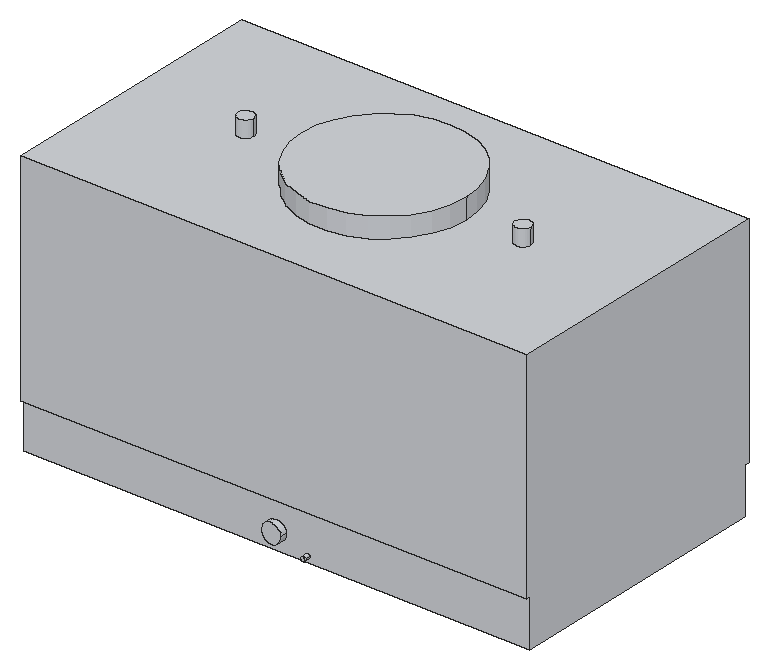
Revit family "5fc7dbc9b74b4ded8a3dea63c30c5f27", category Mechanical Equipment, Revit 2021
Family settings
  Round Connector Dimension = Use Radius
  Part Type = Normal
  OmniClass Number = 23.75.10.37.11
  OmniClass Title = Mechanical-Draft Cooling Towers
  Seek Item ID = Cooling Tower - Induction-0000-USA-ENU
  Work Plane-Based = No
  Always vertical = Yes
  Cut with Voids When Loaded = No
  Shared = No
  Room Calculation Point = No
Parameters (values of type "670 Tons")
  Width1 = 0' - 1 1/4"
  Width 2 = Width1 + 0' 2"  # 0' - 3 1/4"
  Voltage = 460 V
  Top Inlet Radius = 4"
  Top Inlet Diameter = Top Inlet Radius * 2  # 8"
  Pressure Drop [instance] = (Height1 / 0' 1") * 1.00 in-wg + 197.00 in-wg  # 332.75 in-wg
  Make Up Pressure Drop [instance] = 200.932 in-wg
  Outlet Radius = 5"
  Outlet Diameter = Outlet Radius * 2  # 10"
  Number of Poles = 3
  Moto Power = 44742 VA
  Make Up Inlet Radius = 3/4"
  Make Up Inlet Diameter = Make Up Inlet Radius * 2  # 1 1/2"
  Make Up Flow [instance] = 40 GPM
  Load Classification = Cooling
  Height1 = 11' - 3 3/4"
  Half Width = Cooling Tower Width / 2  # 5' - 10 7/8"
  Half Length = Cooling Tower Length / 2  # 10' - 9 1/4"
  Flow 1 [instance] = 1005 GPM
  Drain Radius = 1"
  Drain Diameter = Drain Radius * 2  # 2"
  Default Elevation = 0' - 0"
  Cooling Tower Width = 11' - 9 3/4"
  Cooling Tower Material = none
  Cooling Tower Length = 21' - 6 1/2"
  Cooling Tower Height = 12' - 2 1/8"
  Circulation  Flow [instance] = 2010 GPM
  C5 Offset1 = 12' - 1 1/2"
  C4 Offset1 = 8' - 10 1/4"
  C3 Offset2 = 0' - 9 1/8"
  C1 Offset1 = 5' - 10 7/8"
Types (10): name | Width1 | Width 2 | Top Inlet Radius | Top Inlet Diameter | Pressure Drop | Make Up Pressure Drop | Outlet Radius | Outlet Diameter | Moto Power | Make Up Inlet Radius | Make Up Inlet Diameter | Make Up Flow | Height1 | Half Width | Half Length | Flow 1 | Cooling Tower Width | Cooling Tower Length | Cooling Tower Height | Circulation  Flow | C5 Offset1 | C4 Offset1 | C3 Offset2 | C1 Offset1
  (no name) | 0' - 1 1/4" | 0' - 3 1/4" | 4" | 8" | 332.75 in-wg | 200.932 in-wg | 5" | 10" | 44742 VA | 3/4" | 1 1/2" | 40 GPM | 11' - 3 3/4" | 5' - 10 7/8" | 10' - 9 1/4" | 1005 GPM | 11' - 9 3/4" | 21' - 6 1/2" | 12' - 2 1/8" | 2010 GPM | 12' - 1 1/2" | 8' - 10 1/4" | 0' - 9 1/8" | 5' - 10 7/8"
  300 Tons | 0' - 0 1/4" | 0' - 2 1/4" | 3" | 6" | 300.75 in-wg | 80.3729 in-wg | 4" | 8" | 14914 VA | 1/2" | 1" | 18 GPM | 8' - 7 3/4" | 4' - 2 7/8" | 9' - 0 1/4" | 450 GPM | 8' - 5 3/4" | 18' - 0 1/2" | 9' - 3 5/8" | 900 GPM | 10' - 4 1/2" | 7' - 1 1/4" | 0' - 8 1/16" | 4' - 2 7/8"
  400 Tons | 0' - 0 1/4" | 0' - 2 1/4" | 3" | 6" | 316.75 in-wg | 120.559 in-wg | 4" | 8" | 22371 VA | 1/2" | 1" | 24 GPM | 9' - 11 3/4" | 4' - 2 7/8" | 9' - 0 1/4" | 600 GPM | 8' - 5 3/4" | 18' - 0 1/2" | 10' - 7 5/8" | 1200 GPM | 10' - 4 1/2" | 7' - 1 1/4" | 0' - 8 1/16" | 4' - 2 7/8"
  550 Tons | 0' - 1 1/4" | 0' - 3 1/4" | 3" | 6" | 332.75 in-wg | 160.746 in-wg | 5" | 10" | 22371 VA | 3/4" | 1 1/2" | 33 GPM | 11' - 3 3/4" | 4' - 10 5/8" | 10' - 0 1/4" | 825 GPM | 9' - 9 1/4" | 20' - 0 1/2" | 12' - 1 1/8" | 1650 GPM | 11' - 4 1/2" | 8' - 1 1/4" | 0' - 9 1/8" | 4' - 10 5/8"
  670 Tons | 0' - 1 1/4" | 0' - 3 1/4" | 4" | 8" | 332.75 in-wg | 200.932 in-wg | 5" | 10" | 44742 VA | 3/4" | 1 1/2" | 40 GPM | 11' - 3 3/4" | 5' - 10 7/8" | 10' - 9 1/4" | 1005 GPM | 11' - 9 3/4" | 21' - 6 1/2" | 12' - 2 1/8" | 2010 GPM | 12' - 1 1/2" | 8' - 10 1/4" | 0' - 9 1/8" | 5' - 10 7/8"
  850 Tons | 0' - 1 1/4" | 0' - 3 1/4" | 4" | 8" | 382.50 in-wg | 241.119 in-wg | 6" | 12" | 44742 VA | 3/4" | 1 1/2" | 51 GPM | 15' - 5 1/2" | 5' - 10 7/8" | 10' - 9 1/4" | 1275 GPM | 11' - 9 3/4" | 21' - 6 1/2" | 16' - 4 7/8" | 2550 GPM | 12' - 1 1/2" | 8' - 10 1/4" | 0' - 9 1/8" | 5' - 10 7/8"
  970 Tons | 0' - 1 1/4" | 0' - 3 1/4" | 4" | 8" | 414.50 in-wg | 281.305 in-wg | 6" | 12" | 55927.5 VA | 3/4" | 1 1/2" | 58 GPM | 18' - 1 1/2" | 5' - 10 7/8" | 10' - 9 1/4" | 1455 GPM | 11' - 9 3/4" | 21' - 6 1/2" | 19' - 0 7/8" | 2910 GPM | 12' - 1 1/2" | 8' - 10 1/4" | 0' - 9 1/8" | 5' - 10 7/8"
  1100 Tons | 0' - 1 1/4" | 0' - 3 1/4" | 4" | 8" | 446.50 in-wg | 321.492 in-wg | 6" | 12" | 55927.5 VA | 3/4" | 1 1/2" | 66 GPM | 20' - 9 1/2" | 5' - 10 7/8" | 10' - 9 1/4" | 1650 GPM | 11' - 9 3/4" | 21' - 6 1/2" | 21' - 8 7/8" | 3300 GPM | 12' - 1 1/2" | 8' - 10 1/4" | 0' - 9 1/8" | 5' - 10 7/8"
  1300 Tons | 0' - 0 5/8" | 0' - 2 5/8" | 5" | 10" | 465.875 in-wg | 321.492 in-wg | 7" | 14" | 74570 VA | 1" | 2" | 78 GPM | 22' - 4 7/8" | 6' - 11 9/16" | 12' - 0 1/4" | 1950 GPM | 13' - 11 1/8" | 24' - 0 1/2" | 22' - 10 7/8" | 3900 GPM | 13' - 4 1/2" | 10' - 1 1/4" | 0' - 9 5/8" | 6' - 11 9/16"
  240 Tons | 0' - 0 1/4" | 0' - 2 1/4" | 3" | 6" | 300.75 in-wg | 80.3729 in-wg | 4" | 8" | 14914 VA | 1/2" | 1" | 18 GPM | 8' - 7 3/4" | 4' - 2 7/8" | 9' - 0 1/4" | 360 GPM | 8' - 5 3/4" | 18' - 0 1/2" | 9' - 3 5/8" | 720 GPM | 10' - 4 1/2" | 7' - 1 1/4" | 0' - 8 1/16" | 4' - 2 7/8"
Reference planes (in)
  plane 1 "Center (Front/Back)": y = 0
  plane 2: z = 0
  plane 3 "Center (Left/Right)": x = 0
  plane 4: z = 135.75
  plane 5: z = 24
  plane 6: z = 146.125
  plane 7: z = 143.75
  plane 8: z = 9.125
  plane 9: z = 3
  plane 10: z = 34
  plane 11: y = -2
  plane 12: y = 139.75
  plane 13: y = 137.75
  plane 14: x = 258.5
  plane 15: y = 68.875
  plane 16: x = 129.25
  plane 17: x = 58.375
  plane 18: x = 200.125
  plane 19: y = -3.25
  plane 20: x = 106.25
  plane 21: x = 145.5
Forms (in)
  Extrusion 1, solid, material <- "Cooling Tower Material"
    sketch origin (0, 0, 0) x (1, 0, 0) y (0, 1, 0)
      loop
        line (0, 0) -> (258.5, 0) -> (258.5, 137.75) -> (0, 137.75) -> (0, 0)
    from 0 to 24
  Extrusion 2, solid, material <- "Cooling Tower Material"
    sketch origin (0, 0, 0) x (1, 0, 0) y (0, 1, 0)
      loop
        line (0, -2) -> (258.5, -2) -> (258.5, 139.75) -> (0, 139.75) -> (0, -2)
    from 135.75 to 24
  Extrusion 3, solid, material <- "Cooling Tower Material"
    sketch origin (0, 0, 0) x (1, 0, 0) y (0, 1, 0)
      loop
        circle (129.25, 68.875) r 42
    from 135.75 to 146.125
  Extrusion 4, solid, material <- "Cooling Tower Material"
    sketch origin (0, 0, 0) x (1, 0, 0) y (0, 1, 0)
      loop
        circle (58.375, 68.875) r 4
    from 135.75 to 143.75
  Extrusion 5, solid, material <- "Cooling Tower Material"
    sketch origin (0, 0, 0) x (1, 0, 0) y (0, 1, 0)
      loop
        circle (200.125, 68.875) r 4
    from 135.75 to 143.75
  Extrusion 6, solid, material <- "Cooling Tower Material"
    sketch origin (0, 0, 0) x (1, 0, 0) y (0, 0, 1)
      loop
        circle (129.25, 9.125) r 5
    from 0 to 3.25
  Extrusion 7, solid, material <- "Cooling Tower Material"
    sketch origin (0, 0, 0) x (1, 0, 0) y (0, 0, 1)
      loop
        circle (145.5, 3) r 1
    from 0 to 3.25
Cuts and joins
  joined: Extrusion 1, Extrusion 2, Extrusion 3, Extrusion 4, Extrusion 5, Extrusion 6, Extrusion 7
Lines and regions (in)
  model lines, detail levels medium+fine
    curve 1: line (258.5, -2, 132.75) -> (258.5, 139.75, 132.75)
    curve 2: line (258.5, -2, 129.75) -> (258.5, 139.75, 129.75)
    curve 3: line (258.5, -2, 126.75) -> (258.5, 139.75, 126.75)
    curve 4: line (258.5, -2, 123.75) -> (258.5, 139.75, 123.75)
    curve 5: line (258.5, -2, 120.75) -> (258.5, 139.75, 120.75)
    curve 6: line (258.5, -2, 117.75) -> (258.5, 139.75, 117.75)
    curve 7: line (258.5, -2, 114.75) -> (258.5, 139.75, 114.75)
    curve 8: line (258.5, -2, 111.75) -> (258.5, 139.75, 111.75)
    curve 9: line (258.5, -2, 108.75) -> (258.5, 139.75, 108.75)
    curve 10: line (258.5, -2, 105.75) -> (258.5, 139.75, 105.75)
    curve 11: line (258.5, -2, 102.75) -> (258.5, 139.75, 102.75)
    curve 12: line (258.5, -2, 99.75) -> (258.5, 139.75, 99.75)
    curve 13: line (258.5, -2, 96.75) -> (258.5, 139.75, 96.75)
    curve 14: line (258.5, -2, 93.75) -> (258.5, 139.75, 93.75)
Dimensions and locks (in)
  "Height1": plane 4 to plane 2
  locked: plane 5 to plane 2 at 24
  "Cooling Tower Height": plane 6 to plane 2
  "C3 Offset2": plane 8 to plane 2
  plane 9 to plane 2 = 0' - 3"
  locked: plane 10 to plane 2 at 34
  locked: plane 11 to plane 1 "Center (Front/Back)" at 2
  "Cooling Tower Width": plane 12 to plane 11
  plane 12 to plane 13 = 0' - 2"
  "Cooling Tower Length": plane 3 "Center (Left/Right)" to plane 14
  locked: plane 7 to plane 4 at 8
  equal spacing: plane 12, plane 15, plane 11
  equal spacing: plane 3 "Center (Left/Right)", plane 16, plane 14
  "C1 Offset1": plane 17 to plane 16
  "C1 Offset1": plane 18 to plane 16
  "Width1": plane 19 to plane 11
  "C4 Offset1": plane 20 to plane 3 "Center (Left/Right)"
  "C5 Offset1": plane 21 to plane 3 "Center (Left/Right)"
  locked: connector elem to plane 10
  locked: connector elem to plane 20
  locked: plane 4 to curve 1 at 3
  radius of Extrusion 3 sketch curve = 3' - 6"
  "Top Inlet Radius": radius of Extrusion 4 sketch curve
  "Top Inlet Radius": radius of Extrusion 5 sketch curve
  "Outlet Radius": radius of Extrusion 6 sketch curve
  "Drain Radius": radius of Extrusion 7 sketch curve
  aligned and locked: plane 3 "Center (Left/Right)" to Extrusion 1 sketch curve
  aligned and locked: plane 1 "Center (Front/Back)" to Extrusion 1 sketch curve
  aligned and locked: Extrusion 1 sketch curve to plane 13
  aligned and locked: plane 14 to Extrusion 1 sketch curve
  aligned and locked: Extrusion 1 to plane 2
  aligned and locked: Extrusion 1 to plane 5
  aligned and locked: plane 3 "Center (Left/Right)" to Extrusion 2 sketch curve
  aligned and locked: Extrusion 2 sketch curve to plane 11
  aligned and locked: Extrusion 2 sketch curve to plane 12
  aligned and locked: plane 14 to Extrusion 2 sketch curve
  aligned and locked: plane 5 to Extrusion 2
  aligned and locked: Extrusion 2 to plane 4
  aligned and locked: plane 16 to Extrusion 3 sketch curve
  aligned and locked: plane 15 to Extrusion 3 sketch curve
  aligned and locked: plane 4 to Extrusion 3
  aligned and locked: Extrusion 3 to plane 6
  aligned and locked: plane 17 to Extrusion 4 sketch curve
  aligned and locked: plane 15 to Extrusion 4 sketch curve
  aligned and locked: plane 18 to Extrusion 5 sketch curve
  aligned and locked: plane 15 to Extrusion 5 sketch curve
  aligned and locked: plane 7 to Extrusion 4
  aligned and locked: Extrusion 5 to plane 7
  aligned and locked: Extrusion 4 to plane 4
  aligned and locked: plane 4 to Extrusion 5
  aligned and locked: plane 16 to Extrusion 6 sketch curve
  aligned and locked: plane 8 to Extrusion 6 sketch curve
  aligned and locked: plane 21 to Extrusion 7 sketch curve
  aligned and locked: plane 9 to Extrusion 7 sketch curve
  aligned and locked: Extrusion 6 to plane 19
  aligned and locked: Extrusion 7 to plane 19
  aligned and locked: Extrusion 7 to plane 1 "Center (Front/Back)"
  aligned and locked: Extrusion 6 to plane 1 "Center (Front/Back)"
  aligned and locked: plane 12 to curve 14
  aligned and locked: plane 12 to curve 13
  aligned and locked: plane 12 to curve 11
  aligned and locked: plane 12 to curve 8
  aligned and locked: plane 12 to curve 10
  aligned and locked: plane 12 to curve 7
  aligned and locked: plane 12 to curve 6
  aligned and locked: plane 12 to curve 4
  aligned and locked: plane 12 to curve 2
  aligned and locked: plane 12 to curve 3
  aligned and locked: plane 12 to curve 5
  aligned and locked: plane 12 to curve 9
  aligned and locked: plane 12 to curve 1
  aligned and locked: plane 12 to curve 12
  aligned and locked: plane 11 to curve 14
  aligned and locked: plane 11 to curve 13
  aligned and locked: plane 11 to curve 11
  aligned and locked: plane 11 to curve 6
  aligned and locked: plane 11 to curve 9
  aligned and locked: plane 11 to curve 1
  aligned and locked: plane 11 to curve 2
  aligned and locked: plane 11 to curve 3
  aligned and locked: plane 11 to curve 4
  aligned and locked: plane 11 to curve 5
  aligned and locked: plane 11 to curve 7
  aligned and locked: plane 11 to curve 8
  aligned and locked: plane 11 to curve 10
  aligned and locked: plane 11 to curve 12
Automatic sketch dimensions
  curve 2 to curve 1 = 0' - 3"
  curve 3 to curve 2 = 0' - 3"
  curve 4 to curve 3 = 0' - 3"
  curve 5 to curve 4 = 0' - 3"
  curve 6 to curve 5 = 0' - 3"
  curve 7 to curve 6 = 0' - 3"
  curve 8 to curve 7 = 0' - 3"
  curve 9 to curve 8 = 0' - 3"
  curve 10 to curve 9 = 0' - 3"
  curve 11 to curve 9 = 0' - 6"
  curve 12 to curve 11 = 0' - 3"
  curve 13 to curve 12 = 0' - 3"
  curve 14 to curve 13 = 0' - 3"
Connectors (in)
  piping at (129.25, -3.25, 9.125), diameter 10, driven by "Circulation  Flow", driven by "Outlet Radius", driven by "Pressure Drop"
    settings: on Extrusion 6, index 1, connector inside diameter 10", connector length 0' - 0", flow factor 0, pipe flow 2010 GPM, pressure drop 12.0093 psi, fitting loss kfactor 0, connector angle 0.00°, fixture units 0, engagement length 0' - 0", angle of deflection 0.00°, flow configuration 0, flow direction 2, fitting loss method 4, system type 7, joint type 0, gender type 0, connector reference index -1, connector utility 0, adjustable connector no, is connector primary yes, connector description "Condenser Water Out"
  piping at (58.375, 68.875, 143.75), diameter 8, driven by "Top Inlet Radius", driven by "Flow 1"
    settings: on Extrusion 4, index 2, connector inside diameter 8", connector length 0' - 0", flow factor 0, pipe flow 1005 GPM, pressure drop 0.00 psi, fitting loss kfactor 0, connector angle 0.00°, fixture units 0, engagement length 0' - 0", angle of deflection 0.00°, flow configuration 0, flow direction 1, fitting loss method 4, system type 8, joint type 0, gender type 0, connector reference index -1, connector utility 0, adjustable connector no, is connector primary no, connector description "Condenser Water In"
  piping at (200.125, 68.875, 143.75), diameter 8, driven by "Top Inlet Radius", driven by "Flow 1"
    settings: on Extrusion 5, index 3, connector inside diameter 8", connector length 0' - 0", flow factor 0, pipe flow 1005 GPM, pressure drop 0.00 psi, fitting loss kfactor 0, connector angle 0.00°, fixture units 0, engagement length 0' - 0", angle of deflection 0.00°, flow configuration 0, flow direction 1, fitting loss method 4, system type 8, joint type 0, gender type 0, connector reference index -1, connector utility 0, adjustable connector no, is connector primary no, connector description "Condenser Water In"
  piping at (106.25, -2, 34), diameter 1.5, driven by "Make Up Inlet Radius", driven by "Make Up Pressure Drop", driven by "Make Up Flow"
    settings: on plane 11, index 4, connector inside diameter 1 1/2", connector length 0' - 0", flow factor 0, pipe flow 40 GPM, pressure drop 7.25189 psi, fitting loss kfactor 0, connector angle 0.00°, fixture units 0, engagement length 0' - 0", angle of deflection 0.00°, flow configuration 1, flow direction 1, fitting loss method 4, system type 20, joint type 0, gender type 0, connector reference index -1, connector utility 0, adjustable connector no, is connector primary no, connector description "Make-up Water In"
  piping at (145.5, -3.25, 3), diameter 2, driven by "Drain Radius"
    settings: on Extrusion 7, index 5, connector inside diameter 2", connector length 0' - 0", flow factor 0, pipe flow 0 GPM, pressure drop 0.00 psi, fitting loss kfactor 0, connector angle 0.00°, fixture units 0, engagement length 0' - 0", angle of deflection 0.00°, flow configuration 1, flow direction 2, fitting loss method 0, system type 16, joint type 0, gender type 0, connector reference index -1, connector utility 0, adjustable connector no, is connector primary no, connector description "Drain Out"
  electrical at (129.25, 68.875, 146.125), driven by "Moto Power", driven by "Voltage", driven by "Number of Poles", driven by "Load Classification"
    settings: on Extrusion 3, index 6, voltage 460 V, apparent load 44742 VA, apparent load phase1 0 VA, apparent load phase2 0 VA, apparent load phase3 0 VA, power factor 0.8, load classification "Cooling", number of poles 3, system type 30, power factor state 1, is connector primary yes, connector utility no, sub classification motor no, connector description ""
